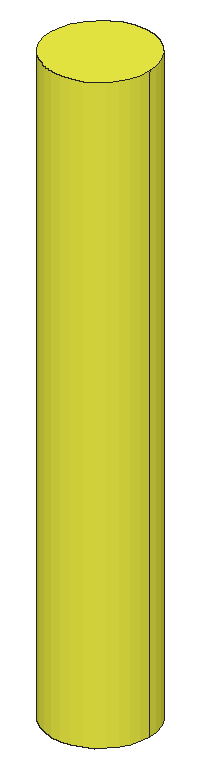
Revit family
Parameters (values of type "150mm Diameter")
  Material = Metal - Paint Finish - Yellow, Matte
Reference planes
  plane 1 "Center (Front/Back)": y = -75
  plane 2: z = 0
  plane 3 "Center (Left/Right)": x = 1.2
  plane 4: x = 76.2
  plane 5: y = -150
  plane 6: y = 0
  plane 7: x = -73.8
  plane 8: z = 900
Forms (mm)
  Extrusion 1, solid, material "Metal - Paint Finish - Yellow, Matte" <- "Material"
    sketch origin (0, 0, 0) x (1, 0, 0) y (0, 1, 0)
      loop
        circle (1.2, -75) r 75
    from 0 to 900
Lines and regions (mm)
  symbolic lines, style "Site Accessories"
    curve 1: arc (76.2, -75, 0) -> (1.2, 0, 0) -> (-73.8, -75, 0) r 75
    curve 2: arc (-73.8, -75, 0) -> (1.2, -150, 0) -> (76.2, -75, 0) r 75
Dimensions and locks
  locked: plane 7 to plane 4 at 150
  locked: plane 5 to plane 6 at 150
  equal spacing: plane 7, plane 3 "Center (Left/Right)", plane 4
  equal spacing: plane 5, plane 1 "Center (Front/Back)", plane 6
  locked: plane 8 to plane 2 at 900
  aligned and locked: Extrusion 1 to plane 8
